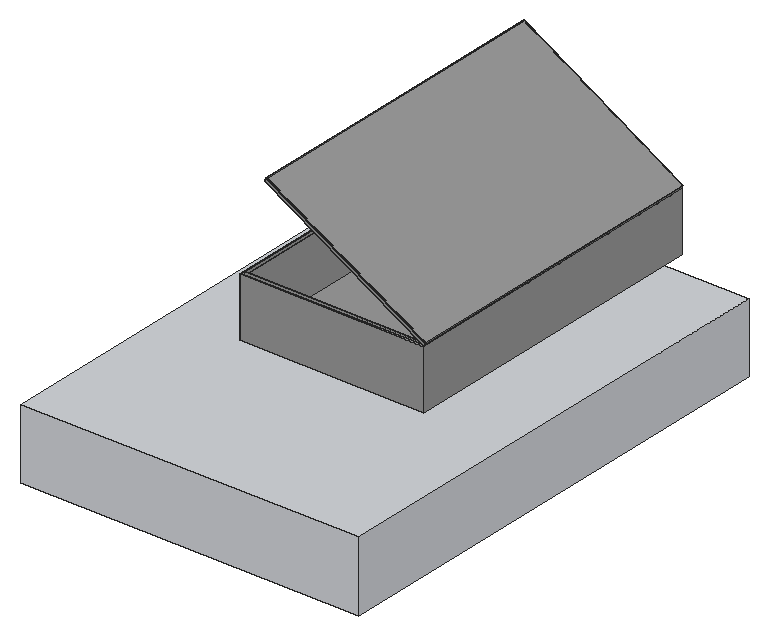
Revit family "Hager-Univers-IP55-D275-H1400-Cl.I-Steel_encl-SE-en", category Equipement électrique, Revit 2020
Family settings
  Hôte = Face
  Configuration du panneau = Deux colonnes, circuits au sein
  Cote de connecteur circulaire = Utiliser le diamètre
  Type d'élément = Tableau de raccordement
  Couper avec des vides une fois chargée = Non
  Partagée = Non
  Point de calcul de pièce = Non
Parameters (values of type "Surface mounted (plaster) IP55 W800 H1400 D275  - FR93E")
  Width Control [instance] = if([EF000008 - Width] > Min Width, [EF000008 - Width], Min Width)  # 800 mm
  Commentaires du type = [HG000003 - Range]  # "Univers"
  Thickness Door [instance] = if([EF009171 - Material plate thickness door/cover] > 3 mm, 3 mm, [EF009171 - Material plate thickness door/cover])  # 1.5 mm
  Seal Frame Offset [instance] = 17 mm  # constant formula
  Plinth Visibility [instance] = [HG000027 - Plinth height] > 0 mm  # no
  Model = ""
  Min Width [instance] = 100 mm  # constant formula
  Min Height [instance] = 100 mm  # constant formula
  Min Depth [instance] = (2 * [EF009170 - Material plate thickness cabinet]) + 1 mm  # 4 mm
  Internal Frame Depth [instance] = (Door System Depth * 0.5)  # 9 mm
  Height Control [instance] = if([EF000040 - Height] > Min Height, [EF000040 - Height], Min Height)  # 1400 mm
  HG000027 - Plinth height = 0 mm
  HG000026 - Floor standing = no
  HG000024 - Bottom section height = 800 mm
  HG000023 - Double section enclosure = no
  HG000016 - Door 3d visibility [instance] = yes
  HG000015 - Clearance visibility [instance] = no
  HG000014 - Door on the right [instance] = yes
  HG000013 - Door on the left [instance] = not([HG000014 - Door on the right])  # no
  HG000012 - Door swing angle [instance] = 30.00°
  HG000010 - Asymmetric doors = no
  HG000009 - Double swing door = no
  HG000006 - Flush mounted = no
  HG000004 - Manufacturer reference = "FR93E"
  HG000003 - Range = "Univers"
  HG000002 - With door or cover = yes
  Frame Offset Bottom [instance] = 10 mm  # constant formula
  Frame Offset [instance] = 15 mm  # constant formula
  EF015940 - Cover with overpressure release = no
  EF011959 - Degree of protection (NEMA) = ""
  EF009554 - Number of openings for flange plates = 6
  EF009212 - Cover model = "EV000116 - Closed"
  EF009171 - Material plate thickness door/cover = 1.5 mm
  EF009170 - Material plate thickness cabinet = 1.5 mm
  Fabricant = "Hager"  # constant formula
  EF008873 - Nominal current (In) = 800 A
  EF007800 - Suitable for lightning protection = no
  EF006306 - With lock = no
  EF006244 - Transparent cover/door = no
  EF005474 - Degree of protection (IP) = "EV006420 - IP55"
  EF004464 - Type of door = "EV002646 - Single"
  EF004427 - Number of modules = 324
  EF004293 - Impact strength = "EV008784 - IK10"
  EF003532 - Suitable for outdoor use = no
  EF002950 - Width in number of modular spacings = 24
  EF001613 - Circuit integrity = "EV000494 - None"
  EF001596 - Material housing = "EV000179 - Steel"
  EF001131 - Internal depth = 275 mm
  EF001088 - Extension possible = yes
  EF000437 - Number of conduit inlets = 6
  EF000339 - Type of cover = "EV004216 - Door"
  EF000266 - Number of rows = 9
  EF000218 - Built-in depth = 0 mm
  EF000118 - With mounting plate = no
  EF000116 - RAL-number = "7035"
  EF000049 - Depth = 275 mm
  EF000040 - Height = 1400 mm
  EF000008 - Width = 800 mm
  EF000007 - Colour = "EV000270 - Grey"
  EF000003 - Mounting method = "EV000384 - Surface mounted (plaster)"
  Door System Leaf Tolerance [instance] = 1.5 mm  # constant formula
  Door System Depth [instance] = 18 mm  # constant formula
  Door Height [instance] = Height Control - [HG000027 - Plinth height]  # 1400 mm
  Depth Control [instance] = if([EF000049 - Depth] > Min Depth, [EF000049 - Depth], Min Depth)  # 275 mm
  Default Elevation = 0 mm
  Connector Offset [instance] = Height Control / 2  # 700 mm
  Bottom Top Plate Trim [instance] = 1.5 mm  # constant formula
  Plinth height Ctrl [instance] = if([HG000027 - Plinth height] > 0 mm, [HG000027 - Plinth height], 12 mm)  # 12 mm
Types (5, lengths in mm): name | Width Control | HG000010 - Asymmetric doors | HG000009 - Double swing door | HG000004 - Manufacturer reference | EF009554 - Number of openings for flange plates | EF004464 - Type of door | EF004427 - Number of modules | EF000437 - Number of conduit inlets | EF000008 - Width
  Surface mounted (plaster) IP55 W1050 H1400 D275  - FR94E | 1050 | no | yes | "FR94E" | 8 | "EV003602 - Double" | 432 | 8 | 1050
  Surface mounted (plaster) IP55 W1300 H1400 D275  - FR95E | 1300 | yes | yes | "FR95E" | 10 | "EV003602 - Double" | 540 | 10 | 1300
  Surface mounted (plaster) IP55 W300 H1400 D275  - FR91E | 300 | no | no | "FR91E" | 2 | "EV002646 - Single" | 108 | 2 | 300
  Surface mounted (plaster) IP55 W550 H1400 D275  - FR92E | 550 | no | no | "FR92E" | 4 | "EV002646 - Single" | 216 | 4 | 550
  Surface mounted (plaster) IP55 W800 H1400 D275  - FR93E | 800 | no | no | "FR93E" | 6 | "EV002646 - Single" | 324 | 6 | 800
Reference planes
  plane 1 "Center (Front/Back)": y = 0
  plane 2: z = 0
  plane 3 "Center (Left/Right)": x = 0
  plane 4: z = 275
  plane 5: y = 1.5
  plane 6: y = 700
  plane 7: y = 0
  plane 8: y = 1400
  plane 9: z = 0
  plane 10: x = -385
  plane 11: x = 385
  plane 12: x = 383.5
  plane 13: x = -383.5
  plane 14: y = 1398.5
  plane 15: x = -383
  plane 16: x = -400
  plane 17: x = 383
  plane 18: x = 400
  plane 19: x = 398.5
  plane 20: x = -398.5
  plane 21: y = 11.5
  plane 22: y = 1400
  plane 23: y = 1383.5
  plane 24: z = 257
  plane 25: z = 1.5
  plane 26: z = 255.5
  plane 27: z = 273.5
Forms (mm)
  Extrusion 1, solid
    sketch origin (0, 0, 0) x (1, 0, 0) y (0, 1, 0)
      loop
        line (-702.964, 1305) -> (-702.964, -811.445) -> (766.763, -811.445) -> (766.763, 1305) -> (-702.964, 1305)
    from 0 to -304.8
  Extrusion 2, solid, material "Hager_Steel_RAL7035_Light_Grey", visible <- "Plinth Visibility", detail levels medium+fine
    sketch origin (0, 0, 0) x (1, 0, 0) y (0, 1, 0)
      loop
        line (-400, 0) -> (400, 0) -> (400, 12) -> (-400, 12) -> (-400, 0)
    from 0 to 257
  Extrusion 3, solid, material "Hager_Steel_RAL7035_Light_Grey", detail levels medium+fine
    sketch origin (0, 0, 0) x (1, 0, 0) y (0, 1, 0)
      loop
        line (-400, 0) -> (400, 0) -> (400, 1400) -> (-400, 1400) -> (-400, 0)
    from 0 to 257
  Extrusion 4, void
    sketch origin (0, 0, 0) x (1, 0, 0) y (0, 1, 0)
      loop
        line (-398.5, 1.5) -> (398.5, 1.5) -> (398.5, 1398.5) -> (-398.5, 1398.5) -> (-398.5, 1.5)
    from 1.5 to 255.5
  Extrusion 5, void
    sketch origin (-381.607, -4572, 257) x (0, -1, 0) y (-1, 0, 0)
      loop
        line (-4583.5, 1.893) -> (-5955.5, 1.893) -> (-5955.5, -765.107) -> (-4583.5, -765.107) -> (-4583.5, 1.893)
    from 0 to 1.5 <- "EF009170 - Material plate thickness cabinet"
  Extrusion 6, solid, material "Hager_Steel_RAL7035_Light_Grey", detail levels fine
    sketch origin (0, 0, 257) x (1, 0, 0) y (0, 1, 0)
      loop
        line (-383.5, 1383.5) -> (-383.5, 11.5) -> (383.5, 11.5) -> (383.5, 1383.5) -> (-383.5, 1383.5)
      loop
        line (-385, 10) -> (385, 10) -> (385, 1385) -> (-385, 1385) -> (-385, 10)
    from 0 to 9 <- "Internal Frame Depth"
  Extrusion 7, solid, material "Hager_Steel_RAL7035_Light_Grey", detail levels coarse
    sketch origin (0, 0, 0) x (1, 0, 0) y (0, 1, 0)
      loop
        line (-400, 0) -> (400, 0) -> (400, 1400) -> (-400, 1400) -> (-400, 0)
    from 0 to 275
  Sweep 8, void
    path in 3D
      loop
        line (-400, 12, 0) -> (400, 12, 0) -> (400, 12, 257) -> (-400, 12, 257) -> (-400, 12, 0)
    profile origin (-400, 12, 128.5) x (-1, 0, 0) y (0, -1, 0)
      loop
        line (0, 0) -> (0, 1.5) -> (-1.5, 1.5)
        arc (-1.5, 1.5) -> (-1.061, 0.439) -> (0, 0) r 1.5
Cuts and joins
  Extrusion 4, Extrusion 5 cuts Extrusion 3
  Sweep 8 cuts Extrusion 2
Lines and regions (mm)
  Masking region 1
    outline origin (0, 0, 0) x (1, 0, 0) y (0, 0, 1)
      loop
        line (-400, 275) -> (-400, 0) -> (400, 0) -> (400, 275) -> (-400, 275)
  Masking region 2, detail levels medium+fine
    outline origin (0, 140, 0) x (0, 1, 0) y (0, 0, 1)
      loop
        line (-140, 0) -> (1260, 0) -> (1260, 257) -> (-140, 257) -> (-140, 0)
  Masking region 3, not visible, detail levels medium+fine
    outline origin (0, 297.922, 0) x (0, 1, 0) y (0, 0, 1)
      loop
        line (413.578, 0) -> (453.578, 0) -> (453.578, 263.5)
        arc (453.578, 263.5) -> (450.649, 270.571) -> (443.578, 273.5) r 10
        line (443.578, 273.5) -> (413.578, 273.5) -> (413.578, 0)
  Masking region 4, detail levels coarse
    outline origin (0, 0, 180) x (0, 1, 0) y (0, 0, 1)
      loop
        line (0, -180) -> (1400, -180) -> (1400, 95) -> (0, 95) -> (0, -180)
  Masking region 5, visible <- "Plinth Visibility", detail levels medium+fine
    outline origin (0, 52.24, 12.345) x (0, 0, -1) y (0, 1, 0)
      loop
        line (10.845, -40.24) -> (-243.155, -40.24)
        arc (-243.155, -40.24) -> (-243.594, -41.301) -> (-244.655, -41.74) r 1.5
        line (-244.655, -41.74) -> (-244.655, -52.24) -> (12.345, -52.24) -> (12.345, -41.74)
        arc (12.345, -41.74) -> (11.285, -41.301) -> (10.845, -40.24) r 1.5
  Masking region 6, detail levels medium+fine
    outline origin (-381.607, -4572, 257) x (-1, 0, 0) y (0, -1, 0)
      loop
        line (18.393, -5972) -> (18.393, -4572) -> (-781.607, -4572) -> (-781.607, -5972) -> (18.393, -5972)
  Masking region 7, visible <- "Plinth Visibility", detail levels medium+fine
    outline origin (-381.607, -4727, 257) x (-1, 0, 0) y (0, -1, 0)
      loop
        arc (16.893, -4739) -> (17.332, -4737.939) -> (18.393, -4737.5) r 1.5
        line (18.393, -4737.5) -> (18.393, -4727) -> (-781.607, -4727) -> (-781.607, -4737.5)
        arc (-781.607, -4737.5) -> (-780.546, -4737.939) -> (-780.107, -4739) r 1.5
        line (-780.107, -4739) -> (16.893, -4739)
  Masking region 8, detail levels coarse
    outline origin (-442.548, -4669.526, 257) x (-1, 0, 0) y (0, -1, 0)
      loop
        line (-42.548, -6069.526) -> (-42.548, -4669.526) -> (-842.548, -4669.526) -> (-842.548, -6069.526) -> (-42.548, -6069.526)
  sketch lines
    curve 1: line (-400, 12, 257) -> (-400, 12, 0)
    curve 2: line (400, 12, 257) -> (-400, 12, 257)
    curve 3: line (400, 12, 257) -> (400, 12, 0)
    curve 4: line (-400, 12, 0) -> (400, 12, 0)
Dimensions and locks
  "Depth Control": plane 4 to Extrusion 1
  "HG000027 - Plinth height": plane 1 "Center (Front/Back)" to plane 7
  "EF009170 - Material plate thickness cabinet": plane 5 to plane 7
  locked: connector elem to plane 3 "Center (Left/Right)"
  equal spacing: plane 8, plane 6, plane 7
  locked: connector elem to plane 6
  "EF009170 - Material plate thickness cabinet": plane 8 to plane 14
  "EF009170 - Material plate thickness cabinet": plane 10 to plane 13
  "EF009170 - Material plate thickness cabinet": plane 12 to plane 11
  "Frame Offset": plane 20 to plane 13
  "Frame Offset": plane 12 to plane 19
  "EF009170 - Material plate thickness cabinet": plane 16 to plane 20
  "EF009170 - Material plate thickness cabinet": plane 19 to plane 18
  "Seal Frame Offset": plane 16 to plane 15
  "Seal Frame Offset": plane 17 to plane 18
  "Frame Offset Bottom": plane 21 to plane 5
  "Frame Offset": plane 14 to plane 23
  equal spacing: plane 16, plane 3 "Center (Left/Right)", plane 18
  "Width Control": plane 16 to plane 18
  "EF009170 - Material plate thickness cabinet": plane 4 to plane 27
  "EF009170 - Material plate thickness cabinet": plane 24 to plane 26
  "EF009170 - Material plate thickness cabinet": plane 25 to level
  "Door System Depth": plane 4 to plane 24
  "Height Control": plane 1 "Center (Front/Back)" to Extrusion 7 sketch curve
  "Height Control": Masking region 4 sketch curve to plane 1 "Center (Front/Back)"
  "Height Control": plane 1 "Center (Front/Back)" to plane 22
  "Bottom Top Plate Trim": profile plane to Sweep 8 sketch curve
  "Bottom Top Plate Trim": Sweep 8 sketch curve to profile plane
  "Plinth height Ctrl": plane 1 "Center (Front/Back)" to Extrusion 2 sketch curve
  "Plinth height Ctrl": Masking region 5 sketch curve to plane 1 "Center (Front/Back)"
  "Plinth height Ctrl": plane 1 "Center (Front/Back)" to Masking region 7 sketch curve
  "Thickness Door": Extrusion 6 sketch curve to Extrusion 6 sketch curve  (x3)
  "Thickness Door": cut or joined group of Extrusion 3, Extrusion 4, Extrusion 5 to Extrusion 6 sketch curve
  radius of Masking region 3 sketch curve = 10 mm
  "Bottom Top Plate Trim": radius of Masking region 5 sketch curve  (x2)
  "Bottom Top Plate Trim": radius of Sweep 8 sketch curve
  "Bottom Top Plate Trim": radius of Masking region 7 sketch curve  (x2)
  aligned and locked: plane 2 to Extrusion 1
  aligned and locked: level to Extrusion 1
  aligned and locked: level to Masking region 1 sketch curve
  aligned and locked: Masking region 1 sketch curve to plane 18
  aligned and locked: Masking region 1 sketch curve to plane 16
  aligned and locked: plane 7 to Masking region 2 sketch curve
  aligned and locked: level to Masking region 3 sketch curve
  aligned and locked: Masking region 3 sketch curve to plane 27
  aligned and locked: level to Masking region 2 sketch curve
  aligned and locked: plane 1 "Center (Front/Back)" to Extrusion 2 sketch curve
  aligned and locked: Extrusion 3 sketch curve to plane 7
  aligned and locked: plane 16 to Extrusion 3 sketch curve
  aligned and locked: plane 18 to Extrusion 3 sketch curve
  aligned and locked: plane 20 to Extrusion 4 sketch curve
  aligned and locked: plane 19 to Extrusion 4 sketch curve
  aligned and locked: Extrusion 4 sketch curve to plane 5
  aligned and locked: Extrusion 4 to plane 25
  aligned and locked: plane 26 to Extrusion 4
  aligned and locked: plane 24 to Extrusion 3
  aligned and locked: Extrusion 5 sketch curve to plane 21
  aligned and locked: Extrusion 5 sketch curve to plane 13
  aligned and locked: Extrusion 5 sketch curve to plane 12
  aligned and locked: plane 18 to Extrusion 7 sketch curve
  aligned and locked: plane 1 "Center (Front/Back)" to Extrusion 7 sketch curve
  aligned and locked: plane 16 to Extrusion 7 sketch curve
  aligned and locked: plane 4 to Extrusion 7
  aligned and locked: Extrusion 7 to level
  aligned and locked: level to Masking region 4 sketch curve
  aligned and locked: Masking region 4 sketch curve to plane 1 "Center (Front/Back)"
  aligned and locked: Masking region 4 sketch curve to plane 4
  aligned and locked: nested 1 to level
  aligned and locked: nested 1 to plane 16
  aligned and locked: plane 8 to Extrusion 3 sketch curve
  aligned and locked: plane 23 to Extrusion 5 sketch curve
  aligned and locked: plane 14 to Extrusion 4 sketch curve
  aligned and locked: Masking region 2 sketch curve to plane 8
  aligned and locked: level to Masking region 5 sketch curve
  aligned and locked: plane 16 to Extrusion 2 sketch curve
  aligned and locked: plane 18 to Extrusion 2 sketch curve
  aligned and locked: Masking region 5 sketch curve to plane 24
  aligned and locked: Masking region 2 sketch curve to plane 24
  aligned and locked: plane 24 to Extrusion 2
  aligned and locked: profile plane to Sweep 8 sketch curve  (x2)
  aligned and locked: Masking region 6 sketch curve to plane 18
  aligned and locked: Masking region 6 sketch curve to plane 22
  aligned and locked: Masking region 6 sketch curve to plane 16
  aligned and locked: plane 8 to plane 22
  aligned and locked: Masking region 6 sketch curve to plane 7
  aligned and locked: Masking region 7 sketch curve to plane 16
  aligned and locked: Masking region 7 sketch curve to plane 1 "Center (Front/Back)"
  aligned and locked: Masking region 7 sketch curve to plane 18
  aligned and locked: Masking region 8 sketch curve to plane 1 "Center (Front/Back)"
  aligned and locked: Masking region 8 sketch curve to plane 18
  aligned and locked: Masking region 8 sketch curve to plane 22
  aligned and locked: Masking region 8 sketch curve to plane 16
  aligned and locked: nested 2 to plane 7
  aligned and locked: plane 3 "Center (Left/Right)" to nested 2
  aligned and locked: nested 2 to plane 24
  aligned and locked: Extrusion 6 sketch curve to cut or joined group of Extrusion 3, Extrusion 4, Extrusion 5  (x4)
Automatic sketch dimensions
  Extrusion 1 sketch curve to Extrusion 1 sketch curve = 1469.727 mm
  Extrusion 1 sketch curve to Extrusion 1 sketch curve = 2116.445 mm
  Masking region 1 sketch curve to plane 4 = 0 mm
  plane 6 to Masking region 3 sketch curve = 11.5 mm
  Masking region 3 sketch curve to Masking region 3 sketch curve = 30 mm
  Masking region 5 sketch curve to plane 1 "Center (Front/Back)" = 0 mm
Nested families
  nested 1: "Hager_Enclosure_Symbol" at (-400, 0, 0) x (1, 0, 0) z (0, -1, 0), Height <- "Depth Control", Width <- "Width Control", type "Hager_Enclosure_Symbol"
    with Width_Ctrl 800 mm, Width 800 mm, Height_Ctrl 275 mm, Height 275 mm, A_Width_Int 18.047 mm, A_Width 216.562 mm, A_Height_Ctrl 240.625 mm, A_Height 240.625 mm
  nested 2: "EC000058_Univers_Door" at (0, 0, 257) x (1, 0, 0) z (0, 1, 0), Leaf_Tolerance <- "Door System Leaf Tolerance", Angle <- "HG000012 - Door swing angle", Door_Depth <- "Door System Depth", Door_Left <- "HG000013 - Door on the left", Transparent <- "EF006244 - Transparent cover/door", Assymetrical <- "HG000010 - Asymmetric doors", Width <- "Width Control", Clearance <- "HG000015 - Clearance visibility", Double <- "HG000009 - Double swing door", 3d_Door <- "HG000016 - Door 3d visibility", Lock_Visibility <- "EF006306 - With lock", Width_Ctrl <- "Width Control", Door_Right <- "HG000014 - Door on the right", Door <- "HG000002 - With door or cover", Height <- "Door Height", Thickness <- "Thickness Door", type "EC000058_Univers_Door", detail levels medium+fine
    with min_wh 4 mm, Width_Ctrl 800 mm, Width 800 mm, Transparent no, Thickness 1.5 mm, Seal_Material Hager_Rubber, Lock_Visibility no, Lock_Material Hager_Plastic_RAL9005_Jet_Black, Leaf_Width 800 mm, Leaf_Tolerance_External_Sides 0 mm, Leaf_Tolerance 1.5 mm, Leaf_Offset 0 mm, Leaf_Height 1397 mm, Leaf_2_Width 800 mm, Leaf_2_Offset 400 mm, Leaf_1_Width 800 mm, Leaf_1_Offset 400 mm, Height_Ctrl 1400 mm, Height 1400 mm, Glass_Material Hager_Glass, Double_Clearance_Ctrl no, Double no, Door_Right_Ctrl yes, Door_Right yes, Door_Material Hager_Steel_RAL7035_Light_Grey, Door_Left_Ctrl no, Door_Left no, Door_Depth 18 mm, Door yes, Clearance_Material Hager_Clearance, Clearance_Depth 800 mm, Clearance_Ctrl no, Clearance no, Assymetrical no, Angle 30.00°, 3d_Door yes
Connectors
  electrical at (0, 700, 0)
    settings: on plane 9, index 1, voltage 0 V, apparent load 0 VA, apparent load phase1 0 VA, apparent load phase2 0 VA, apparent load phase3 0 VA, power factor 1, load classification "Other", number of poles 1, system type 30, power factor state 1, is connector primary yes, connector utility no, sub classification motor no, connector description ""
Definition of nested family "EC000058_Univers_Door"
  Parameters (values of type "EC000058_Univers_Door")
    min_wh [instance] = (2 * Thickness) + 1 mm  # 11 mm
    Width_Ctrl [instance] = 400 mm
    Width [instance] = 500 mm
    Transparent [instance] = yes
    Thickness [instance] = 5 mm
    Seal_Material [instance] = none
    Lock_Visibility [instance] = yes
    Lock_Material [instance] = none
    Leaf_Width [instance] = if((Width_Ctrl - 2 * Leaf_Tolerance_External_Sides) > 0 mm, (Width_Ctrl - 2 * Leaf_Tolerance_External_Sides), min_wh)  # 400 mm
    Leaf_Tolerance_External_Sides [instance] = 0 mm  # constant formula
    Leaf_Tolerance [instance] = 1.5 mm
    Leaf_Offset [instance] = 0 mm  # constant formula
    Leaf_Height [instance] = if((Height_Ctrl - 2 * Leaf_Tolerance) > 0 mm, (Height_Ctrl - 2 * Leaf_Tolerance), min_wh)  # 497 mm
    Leaf_2_Width [instance] = if(and(and(Double, Assymetrical), Door_Left), (Leaf_Width / 3) - (Leaf_Tolerance / 2), if(and(and(Double, Assymetrical), Door_Right), (Leaf_Width / 3) * 2 - (Leaf_Tolerance / 2), if(and(Double, not(Assymetrical)), (Leaf_Width / 2) - Leaf_Tolerance, Leaf_Width)))  # 400 mm
    Leaf_2_Offset [instance] = if(and(Double, Assymetrical), Leaf_2_Width / 2, if(and(Double, not(Assymetrical)), Leaf_Width / 4, Leaf_Width / 2))  # 200 mm
    Leaf_1_Width [instance] = if(and(and(Double, Assymetrical), Door_Right), (Leaf_Width / 3) - (Leaf_Tolerance / 2), if(and(and(Double, Assymetrical), Door_Left), (Width / 3) * 2 - (Leaf_Tolerance / 2), if(and(Double, not(Assymetrical)), (Leaf_Width / 2) - Leaf_Tolerance, Leaf_Width)))  # 400 mm
    Leaf_1_Offset [instance] = if(and(Double, Assymetrical), Leaf_1_Width / 2, if(and(Double, not(Assymetrical)), Leaf_Width / 4, Leaf_Width / 2))  # 200 mm
    Height_Ctrl [instance] = if(Height > min_wh, Height, min_wh)  # 500 mm
    Height [instance] = 500 mm
    Glass_Material [instance] = none
    Double_Clearance_Ctrl [instance] = and(Double, Clearance)  # no
    Double [instance] = no
    Door_Right_Ctrl [instance] = and(or(Door_Right, Double), Door)  # yes
    Door_Right [instance] = yes
    Door_Material [instance] = none
    Door_Left_Ctrl [instance] = and(or(Door_Left, Double), Door)  # no
    Door_Left [instance] = no
    Door_Depth [instance] = 30 mm
    Door [instance] = yes
    Default Elevation = 1219.2 mm
    Clearance_Material [instance] = none
    Clearance_Depth [instance] = if(Leaf_1_Width > Leaf_2_Width, Leaf_1_Width, Leaf_2_Width)  # 400 mm
    Clearance_Ctrl [instance] = and(not(Double), Clearance)  # yes
    Clearance [instance] = yes
    Assymetrical [instance] = yes
    Angle [instance] = 30.00°
    3d_Door [instance] = yes
  Reference planes
    plane 1 "Center (Front/Back)": y = 0
    plane 2 "Bottom": z = 0
    plane 3 "Center (Left/Right)": x = 0
    plane 4: z = 500
    plane 5: x = -200
    plane 6: x = 200
    plane 7: z = 500
    plane 8: x = -200
    plane 9: z = 0
    plane 10: x = 200
    plane 11: y = 0
    plane 12: z = 1.5
    plane 13: x = -600
    plane 14: y = -400
    plane 15: x = 600
    plane 16: x = 0
    plane 17: x = 0
    plane 18: x = -200
    plane 19: x = 200
    plane 20: z = 498.5
  Forms (mm)
    Extrusion 1, solid, material <- "Clearance_Material", visible <- "Double_Clearance_Ctrl"
      sketch origin (1200, 0, 0) x (1, 0, 0) y (0, 0, -1)
        loop
          line (-1800, -498.5) -> (-600, -498.5) -> (-600, 0) -> (-1800, 0) -> (-1800, -498.5)
      from 0 to -400
  Dimensions and locks
    equal spacing: plane 5, plane 3 "Center (Left/Right)", plane 6
    "Width_Ctrl": plane 5 to plane 6
    "Leaf_Offset": plane 5 to plane 8
    "Leaf_Offset": plane 6 to plane 10
    "Leaf_Offset": plane 9 to level
    "Leaf_Offset": plane 4 to plane 7
    "Height_Ctrl": plane 4 to level
    "Leaf_Tolerance": plane 12 to plane 9
    locked: plane 11 to plane 1 "Center (Front/Back)"
    "Leaf_1_Offset": plane 18 to plane 16
    "Leaf_2_Offset": plane 17 to plane 19
    "Leaf_1_Width": plane 13 to plane 8
    "Leaf_2_Width": plane 10 to plane 15
    "Clearance_Depth": plane 14 to plane 1 "Center (Front/Back)"
    "Leaf_Tolerance_External_Sides": plane 8 to plane 18
    "Leaf_Tolerance_External_Sides": plane 19 to plane 10
    "Leaf_Tolerance": plane 7 to plane 20
    aligned and locked: level to plane 2 "Bottom"
    aligned and locked: nested 1 to plane 16
    aligned and locked: nested 2 to plane 17
    aligned and locked: Extrusion 1 to plane 13
    aligned and locked: plane 15 to Extrusion 1
    aligned and locked: Extrusion 1 to plane 14
    aligned and locked: plane 12 to nested 1
    aligned and locked: nested 2 to plane 12
    aligned and locked: Extrusion 1 to plane 11
    aligned and locked: plane 20 to Extrusion 1
    aligned and locked: nested 2 to plane 11
    aligned and locked: nested 1 to plane 11
  Automatic sketch dimensions
    Extrusion 1 sketch curve to level = 0 mm
    plane 5 to Extrusion 1 sketch curve = 400 mm
    plane 6 to Extrusion 1 sketch curve = 400 mm
    Extrusion 1 sketch curve to plane 4 = 1.5 mm
  Nested families
    nested 1: "EC000058_Univers_Door_Leaf" at (0, 0, 1.5), Width <- "Leaf_1_Width", visible <- "Door_Left_Ctrl", Leaf_Height <- "Leaf_Height", Angle <- "Angle", 3d_Door <- "3d_Door", Transparent <- "Transparent", Clearance Material <- "Clearance_Material", Clearance <- "Clearance_Ctrl", Door_Material <- "Door_Material", Glass_Material <- "Glass_Material", Door_Depth <- "Door_Depth", Lock_Material <- "Lock_Material", Seal_Material <- "Seal_Material", Lock_Visibility <- "Lock_Visibility", Thickness <- "Thickness", type "EC000058_Univers_Door_Leaf"
      with Width 400 mm, Transparent_Glass_Offset 30 mm, Transparent_Ctrl yes, Transparent yes, Thickness 5 mm, Standard no, Seal_Material none, Seal_D2 8 mm, Seal_D1 1 mm, Offset_Internal_Frame 10 mm, Lock_Width 20 mm, Lock_Visibility_3d yes, Lock_Visibility yes, Lock_Thickness_3 3 mm, Lock_Thickness_2 1 mm, Lock_Thickness_1 3 mm, Lock_Radius_Offset_2 16 mm, Lock_Radius_Offset_1 15 mm, Lock_Radius_2 5 mm, Lock_Radius 6 mm, Lock_Offset 5 mm, Lock_Material none, Lock_Height 80 mm, Lock_Cover_Top_Offset_2d 17 mm, Lock_Cover_Height -65 mm, Leaf_Height 497 mm, Internal_Seal_Thickness 8 mm, Internal_Seal_Depth_2 4.5 mm, Internal_Frame_Depth 25 mm, Glass_Thickness -1 mm, Glass_Offset -2 mm, Glass_Material none, Door_Material none, Door_Depth 30 mm, Clearance Material none, Clearance yes, Angle_Ctrl 30.00°, Angle 30.00°, 3d_Door yes
    nested 2: "EC000058_Univers_Door_Leaf" at (0, 0, 1.5) x (-1, 0, 0) z (0, 0, 1), Width <- "Leaf_2_Width", visible <- "Door_Right_Ctrl", Leaf_Height <- "Leaf_Height", Angle <- "Angle", 3d_Door <- "3d_Door", Transparent <- "Transparent", Clearance Material <- "Clearance_Material", Clearance <- "Clearance_Ctrl", Door_Material <- "Door_Material", Glass_Material <- "Glass_Material", Door_Depth <- "Door_Depth", Lock_Material <- "Lock_Material", Seal_Material <- "Seal_Material", Lock_Visibility <- "Lock_Visibility", Thickness <- "Thickness", type "EC000058_Univers_Door_Leaf"
      with Width 400 mm, Transparent_Glass_Offset 30 mm, Transparent_Ctrl yes, Transparent yes, Thickness 5 mm, Standard no, Seal_Material none, Seal_D2 8 mm, Seal_D1 1 mm, Offset_Internal_Frame 10 mm, Lock_Width 20 mm, Lock_Visibility_3d yes, Lock_Visibility yes, Lock_Thickness_3 3 mm, Lock_Thickness_2 1 mm, Lock_Thickness_1 3 mm, Lock_Radius_Offset_2 16 mm, Lock_Radius_Offset_1 15 mm, Lock_Radius_2 5 mm, Lock_Radius 6 mm, Lock_Offset 5 mm, Lock_Material none, Lock_Height 80 mm, Lock_Cover_Top_Offset_2d 17 mm, Lock_Cover_Height -65 mm, Leaf_Height 497 mm, Internal_Seal_Thickness 8 mm, Internal_Seal_Depth_2 4.5 mm, Internal_Frame_Depth 25 mm, Glass_Thickness -1 mm, Glass_Offset -2 mm, Glass_Material none, Door_Material none, Door_Depth 30 mm, Clearance Material none, Clearance yes, Angle_Ctrl 30.00°, Angle 30.00°, 3d_Door yes
  Definition of nested family "EC000058_Univers_Door_Leaf"
    Parameters (values of type "EC000058_Univers_Door_Leaf")
      Width [instance] = 2000 mm
      Transparent_Glass_Offset [instance] = 30 mm
      Transparent_Ctrl [instance] = and(Transparent, [3d_Door])  # yes
      Transparent [instance] = yes
      Thickness [instance] = 5 mm
      Standard [instance] = and(not(Transparent), [3d_Door])  # no
      Seal_Material [instance] = none
      Seal_D2 [instance] = 8 mm  # constant formula
      Seal_D1 [instance] = 1 mm  # constant formula
      Offset_Internal_Frame [instance] = 10 mm  # constant formula
      Lock_Width [instance] = 20 mm  # constant formula
      Lock_Visibility_3d [instance] = and(Lock_Visibility, [3d_Door])  # yes
      Lock_Visibility [instance] = yes
      Lock_Thickness_3 [instance] = 3 mm  # constant formula
      Lock_Thickness_2 [instance] = 1 mm  # constant formula
      Lock_Thickness_1 [instance] = 3 mm  # constant formula
      Lock_Radius_Offset_2 [instance] = Lock_Radius_Offset_1 + 1 mm  # 16 mm
      Lock_Radius_Offset_1 [instance] = 15 mm  # constant formula
      Lock_Radius_2 [instance] = Lock_Radius - 1 mm  # 5 mm
      Lock_Radius [instance] = 6 mm  # constant formula
      Lock_Offset [instance] = 5 mm  # constant formula
      Lock_Material [instance] = none
      Lock_Height [instance] = 80 mm  # constant formula
      Lock_Cover_Top_Offset_2d [instance] = Lock_Radius_Offset_2 + 1 mm  # 17 mm
      Lock_Cover_Height [instance] = -(Lock_Height - Lock_Radius_Offset_1)  # -65 mm
      Leaf_Height [instance] = 2720.336 mm
      Internal_Seal_Thickness [instance] = 8 mm  # constant formula
      Internal_Seal_Depth_2 [instance] = 4.5 mm  # constant formula
      Internal_Frame_Depth [instance] = if(Door_Depth - Thickness > 5 mm, Door_Depth - Thickness, 5 mm)  # 25 mm
      Glass_Thickness [instance] = if(Thickness > 15 mm, Glass_Offset + 10 mm, -1 mm)  # -1 mm
      Glass_Offset [instance] = if(Thickness > 15 mm, -(Thickness + 10 mm) / 2, -2 mm)  # -2 mm
      Glass_Material [instance] = none
      Door_Material [instance] = none
      Door_Depth [instance] = 30 mm
      Default Elevation = 0 mm
      Clearance Material [instance] = none
      Clearance [instance] = yes
      Angle_Ctrl [instance] = if(Angle > 180.00°, 180.00°, Angle)  # 90.00°
      Angle [instance] = 90.00°
      3d_Door [instance] = yes
    Reference planes
      plane 1 "Center (Front/Back)": y = 0
      plane 2: z = 0
      plane 3 "Center (Left/Right)": x = 0
      plane 4: y = 2000
      plane 5: x = -1000
      plane 6: x = 1000
      plane 7: x = -3000
      plane 8: z = 2720.336
      plane 9: z = 30
      plane 10: z = 2690.336
      plane 11: x = 970
      plane 12: x = -970
      plane 13: y = -3
      plane 14: z = 107.833
      plane 15: y = -5
      plane 16: y = -223.314
      plane 17: x = -1000
      plane 18: z = 1360.168
      plane 19: y = 30
    Forms (mm)
      Extrusion 1, solid, material <- "Clearance Material", visible <- "Clearance"
        sketch origin (0, 0, 0) x (1, 0, 0) y (0, 0, 1)
          loop
            line (-3000, 2720.336) -> (-3000, 0) -> (1000, 0) -> (1000, 2720.336) -> (-3000, 2720.336)
        from 0 to -2000
      Extrusion 2, solid, material <- "Door_Material", visible <- "Standard", detail levels medium+fine
        sketch origin (-1000, 0, 0) x (0, 1, 0) y (-1, 0, 0)
          loop
            line (0, 30) -> (0, 25) -> (2000, 25) -> (2000, 30) -> (0, 30)
        from 0 to 2720.336 <- "Leaf_Height"
      Extrusion 3, solid, material <- "Door_Material", visible <- "Transparent_Ctrl", detail levels medium+fine
        sketch origin (-1000, 0, 0) x (0, 1, 0) y (-1, 0, 0)
          loop
            line (0, 25) -> (2000, 25) -> (2000, 30) -> (0, 30) -> (0, 25)
        from 0 to 2720.336 <- "Leaf_Height"
      Extrusion 4, void
        sketch origin (-1025, 2000, 0) x (0, 1, 0) y (0, 0, -1)
          loop
            line (-30, -2690.336) -> (-30, -30) -> (-1970, -30) -> (-1970, -2690.336) -> (-30, -2690.336)
        from 0 to 5 <- "Thickness"
      Sweep 5, solid, material <- "Seal_Material", visible <- "Transparent_Ctrl", detail levels fine
        path in 3D
          loop
            line (-1025, 30, 30) -> (-1025, 30, 2690.336) -> (-1025, 1970, 2690.336) -> (-1025, 1970, 30) -> (-1025, 30, 30)
        profile origin (-1025, 1000, 30) x (1, 0, 0) y (0, 0, 1)
          loop
            line (0, 0) -> (0, -8) -> (1, -8) -> (1, 0) -> (0, 0)
      Extrusion 6, solid, material <- "Glass_Material", visible <- "Transparent_Ctrl", detail levels medium+fine
        sketch origin (-1030, 0, 0) x (0, 1, 0) y (0, 0, -1)
          loop
            line (1970, -2690.336) -> (1970, -30) -> (30, -30) -> (30, -2690.336) -> (1970, -2690.336)
        from -2 <- "Glass_Offset" to -1 <- "Glass_Thickness"
      Extrusion 7, solid, material <- "Door_Material", visible <- "3d_Door", detail levels medium+fine
        sketch origin (-1025, 2000, 0) x (0, -1, 0) y (0, 0, -1)
          loop
            line (0, -2720.336) -> (2000, -2720.336) -> (2000, 0) -> (0, 0) -> (0, -2720.336)
          loop
            line (1995, -5) -> (5, -5) -> (5, -2715.336) -> (1995, -2715.336) -> (1995, -5)
        from 0 to 25 <- "Internal_Frame_Depth"
      Sweep 8, solid, material <- "Seal_Material", visible <- "Transparent_Ctrl", detail levels fine
        path in 3D
          loop
            line (-1025, 0, 0) -> (-1025, 2000, 0) -> (-1025, 2000, 2720.336) -> (-1025, 0, 2720.336) -> (-1025, 0, 0)
        profile origin (-1025, 0, 1360.168) x (1, 0, 0) y (0, 1, 0)
          loop
            line (0, 10) -> (2.975, 10)
            arc (2.975, 10) -> (4.053, 10.447) -> (4.5, 11.525) r 1.525
            line (4.5, 11.525) -> (4.5, 16.527)
            arc (4.5, 16.527) -> (4.069, 17.569) -> (3.027, 18) r 1.473
            line (3.027, 18) -> (0, 18) -> (0, 10)
      Extrusion 9, solid, material <- "Lock_Material", visible <- "Lock_Visibility_3d", detail levels fine
        sketch origin (-1030, 0, 0) x (0, 1, 0) y (0, 0, -1)
          loop
            arc (1993.5, -1400.168) -> (1994.561, -1399.729) -> (1995, -1398.668) r 1.5
            line (1995, -1398.668) -> (1995, -1320.168) -> (1975, -1320.168) -> (1975, -1398.668)
            arc (1975, -1398.668) -> (1975.439, -1399.729) -> (1976.5, -1400.168) r 1.5
            line (1976.5, -1400.168) -> (1993.5, -1400.168)
        from 3 <- "Lock_Thickness_1" to 0
      Blend 10, solid, material <- "Lock_Material", visible <- "Lock_Visibility_3d", detail levels fine
        base sketch origin (-1033, 0, 0) x (0, 1, 0) y (0, 0, -1)
          loop
            line (1975, -1320.168) -> (1975, -1398.668)
            arc (1975, -1398.668) -> (1975.439, -1399.729) -> (1976.5, -1400.168) r 1.5
            line (1976.5, -1400.168) -> (1993.5, -1400.168)
            arc (1993.5, -1400.168) -> (1994.561, -1399.729) -> (1995, -1398.668) r 1.5
            line (1995, -1398.668) -> (1995, -1320.168) -> (1975, -1320.168)
        top sketch origin (-1033, 0, 0) x (0, 1, 0) y (0, 0, -1)
          loop
            line (1976, -1320.168) -> (1976, -1398.668)
            arc (1976, -1398.668) -> (1976.146, -1399.022) -> (1976.5, -1399.168) r 0.5
            line (1976.5, -1399.168) -> (1993.5, -1399.168)
            arc (1993.5, -1399.168) -> (1993.854, -1399.022) -> (1994, -1398.668) r 0.5
            line (1994, -1398.668) -> (1994, -1320.168) -> (1976, -1320.168)
        from 0 to 1 <- "Lock_Thickness_2"
      Blend 11, solid, material <- "Lock_Material", visible <- "Lock_Visibility_3d", detail levels fine
        base sketch origin (-1034, 0, 0) x (0, 1, 0) y (0, 0, -1)
          loop
            line (1978, -1320.168) -> (1978, -1384.168)
            arc (1978, -1384.168) -> (1985, -1391.168) -> (1992, -1384.168) r 7
            line (1992, -1384.168) -> (1992, -1320.168) -> (1978, -1320.168)
        top sketch origin (-1034, 0, 0) x (0, 1, 0) y (0, 0, -1)
          loop
            line (1991, -1320.168) -> (1979, -1320.168) -> (1979, -1383.168)
            arc (1979, -1383.168) -> (1985, -1389.168) -> (1991, -1383.168) r 6
            line (1991, -1383.168) -> (1991, -1320.168)
        from 0 to 3 <- "Lock_Thickness_3"
      Extrusion 12, solid, material <- "Lock_Material", visible <- "Lock_Visibility_3d", detail levels fine
        sketch origin (-1030, 1975, 1320.168) x (1, 0, 0) y (0, -1, 0)
          loop
            line (-7, -19) -> (-7, -1) -> (0, -1) -> (0, 0) -> (-8, 0) -> (-8, -20) -> (0, -20) -> (0, -19) -> (-7, -19)
        from 0 to -65 <- "Lock_Cover_Height"
      Extrusion 13, void
        sketch origin (-1038, 1995, 1320.168) x (-1, 0, 0) y (0, 0, -1)
          loop
            line (-5, -65) -> (0, -65) -> (-5, -60) -> (-5, -65)
        from 0 to 20 <- "Lock_Width"
      Extrusion 14, void
        sketch origin (-1038, 1975, 1320.168) x (0, -1, 0) y (0, 0, -1)
          loop
            circle (-10, -15.995) r 6
          loop
            circle (-10, -15.995) r 5
        from 0 to 2
      Extrusion 15, solid, material <- "Lock_Material", visible <- "Lock_Visibility_3d", detail levels medium
        sketch origin (-1030, 0, 0) x (0, 1, 0) y (0, 0, -1)
          loop
            arc (1993.5, -1400.168) -> (1994.561, -1399.729) -> (1995, -1398.668) r 1.5
            line (1995, -1398.668) -> (1995, -1320.168) -> (1975, -1320.168) -> (1975, -1398.668)
            arc (1975, -1398.668) -> (1975.439, -1399.729) -> (1976.5, -1400.168) r 1.5
            line (1976.5, -1400.168) -> (1993.5, -1400.168)
        from 8 to 0
    Cuts and joins
      Extrusion 4 cuts Extrusion 3
      Extrusion 13, Extrusion 14 cuts Extrusion 9
      Extrusion 14 cuts Blend 11
      Extrusion 13, Extrusion 14 cuts Extrusion 12
      joined: Extrusion 9, Blend 10, Blend 11, Extrusion 12
      Extrusion 14 cuts Extrusion 15
    Lines and regions (mm)
      Masking region 1, visible <- "Lock_Visibility", detail levels fine
        outline origin (0, 0, 0) x (0, 1, 0) y (0, 0, 1)
          loop
            line (30, 1320.168) -> (33, 1320.168) -> (33, 1400.168) -> (30, 1400.168) -> (30, 1320.168)
      Masking region 2, visible <- "Lock_Visibility", detail levels fine
        outline origin (0, 3.143, 0) x (0, 1, 0) y (0, 0, 1)
          loop
            line (29.857, 1354.168) -> (30.857, 1354.168) -> (30.857, 1366.168) -> (29.857, 1366.168) -> (29.857, 1354.168)
      Masking region 3, detail levels medium+fine
        outline origin (0, 0, 0) x (0, 1, 0) y (0, 0, 1)
          loop
            line (0, 0) -> (30, 0) -> (30, 2720.336) -> (0, 2720.336) -> (0, 0)
      Masking region 4, detail levels medium+fine
        outline origin (0, 0, 0) x (1, 0, 0) y (0, 0, 1)
          loop
            line (-1000, 2720.336) -> (-1000, 0) -> (1000, 0) -> (1000, 2720.336) -> (-1000, 2720.336)
      Masking region 5, visible <- "Lock_Visibility", detail levels fine
        outline origin (-47.116, 0, 0) x (1, 0, 0) y (0, 0, 1)
          loop
            arc (1024.616, 1399.168) -> (1023.556, 1398.729) -> (1023.116, 1397.668) r 1.5
            line (1023.116, 1397.668) -> (1023.116, 1320.168) -> (1041.116, 1320.168) -> (1041.116, 1397.668)
            arc (1041.116, 1397.668) -> (1040.677, 1398.729) -> (1039.616, 1399.168) r 1.5
            line (1039.616, 1399.168) -> (1024.616, 1399.168)
      Masking region 6, visible <- "Lock_Visibility", detail levels medium+fine
        outline origin (-25, 0, 0) x (1, 0, 0) y (0, 0, 1)
          loop
            arc (1001.5, 1400.168) -> (1000.439, 1399.729) -> (1000, 1398.668) r 1.5
            line (1000, 1398.668) -> (1000, 1320.168) -> (1020, 1320.168) -> (1020, 1398.668)
            arc (1020, 1398.668) -> (1019.561, 1399.729) -> (1018.5, 1400.168) r 1.5
            line (1018.5, 1400.168) -> (1001.5, 1400.168)
      Masking region 7, visible <- "Lock_Visibility", detail levels fine
        outline origin (-73.735, 0, 0) x (1, 0, 0) y (0, 0, 1)
          loop
            line (1051.735, 1382.168) -> (1065.735, 1382.168) -> (1065.735, 1384.168)
            arc (1065.735, 1384.168) -> (1058.735, 1391.168) -> (1051.735, 1384.168) r 7
            line (1051.735, 1384.168) -> (1051.735, 1382.168)
      Masking region 8, visible <- "Lock_Visibility", detail levels fine
        outline origin (-73.735, 0, 0) x (1, 0, 0) y (0, 0, 1)
          loop
            line (1052.735, 1382.168) -> (1064.735, 1382.168) -> (1064.735, 1383.168)
            arc (1064.735, 1383.168) -> (1058.735, 1389.168) -> (1052.735, 1383.168) r 6
            line (1052.735, 1383.168) -> (1052.735, 1382.168)
      Masking region 9, visible <- "Lock_Visibility", detail levels fine
        outline origin (-25, 0, 0) x (1, 0, 0) y (0, 0, 1)
          loop
            line (1020, 1320.168) -> (1020, 1382.168) -> (1000, 1382.168) -> (1000, 1320.168) -> (1020, 1320.168)
      Masking region 10, detail levels medium+fine
        outline origin (0, 0, 0) x (1, 0, 0) y (0, 0, 1)
          loop
            circle (985, 1335.144) r 6
      Masking region 11, detail levels fine
        outline origin (0, 0, 0) x (1, 0, 0) y (0, 0, 1)
          loop
            circle (985, 1335.144) r 5
      Masking region 12, visible <- "Lock_Visibility", detail levels fine
        outline origin (0, 12.767, 0) x (0, 1, 0) y (0, 0, 1)
          loop
            line (20.233, 1320.168) -> (21.233, 1320.168) -> (21.233, 1399.168) -> (20.233, 1400.168) -> (20.233, 1320.168)
      Masking region 13, visible <- "Lock_Visibility", detail levels fine
        outline origin (0, 13.767, -10) x (0, 1, 0) y (0, 0, 1)
          loop
            line (20.233, 1330.168) -> (23.233, 1330.168) -> (23.233, 1399.168) -> (20.233, 1402.168) -> (20.233, 1330.168)
      Masking region 14, visible <- "Lock_Visibility", detail levels fine
        outline origin (0, 12.767, -10) x (0, 1, 0) y (0, 0, 1)
          loop
            line (20.233, 1330.168) -> (25.233, 1330.168) -> (25.233, 1399.305) -> (20.233, 1394.305) -> (20.233, 1330.168)
      Masking region 15, visible <- "Lock_Visibility", detail levels medium
        outline origin (0, 0, 0) x (0, 1, 0) y (0, 0, 1)
          loop
            line (30, 1320.168) -> (38, 1320.168) -> (38, 1400.168) -> (30, 1400.168) -> (30, 1320.168)
      Masking region 16, visible <- "Lock_Visibility", detail levels fine
        outline origin (-1000, 0, 0) x (0, 1, 0) y (-1, 0, 0)
          loop
            line (1975, 30) -> (1995, 30) -> (1995, 38) -> (1975, 38) -> (1975, 30)
          loop
            line (1979, 37) -> (1976, 37) -> (1976, 34) -> (1978, 34) -> (1979, 37)
          loop
            line (1994, 37) -> (1991, 37) -> (1992, 34) -> (1994, 34) -> (1994, 37)
      Masking region 17, visible <- "Lock_Visibility", detail levels medium
        outline origin (-1000, 0, 0) x (0, 1, 0) y (-1, 0, 0)
          loop
            line (1975, 30) -> (1995, 30) -> (1995, 38) -> (1975, 38) -> (1975, 30)
      symbolic lines
        curve 1: line (1000, 0, 0) -> (-3000, 0, 0)
        curve 2: arc (1000, 0, 0) -> (-1000, 2000, 0) -> (-3000, 0, 0) r 2000
        curve 4: line (-1030, 0, 0) -> (-1030, 2000, 0)
      reference lines
        curve 3: line (-1000, 0, 0) -> (-1000, 2000, 0)
      symbolic lines, detail levels medium+fine
        curve 5: line (-1030, 2000, 0) -> (-1025, 2000, 0)
        curve 7: line (-1025, 0, 0) -> (-1030, 0, 0)
        curve 8: line (-1025, 0, 0) -> (-1000, 0, 0)
        curve 9: line (-1000, 0, 0) -> (-1000, 2000, 0)
        curve 10: line (-1000, 2000, 0) -> (-1025, 2000, 0)
      symbolic lines, detail levels fine
        curve 6: line (-1025, 2000, 0) -> (-1025, 0, 0)
      sketch lines
        curve 11: line (-1025, 0, 2720.336) -> (-1025, 0, 0)
        curve 12: line (-1025, 2000, 0) -> (-1025, 0, 0)
        curve 13: line (-1025, 2000, 2720.336) -> (-1025, 2000, 0)
        curve 14: line (-1025, 0, 2720.336) -> (-1025, 2000, 2720.336)
        curve 15: line (-1025, 1970, 30) -> (-1025, 30, 30)
        curve 16: line (-1025, 30, 30) -> (-1025, 30, 2690.336)
        curve 17: line (-1025, 1970, 2690.336) -> (-1025, 1970, 30)
        curve 18: line (-1025, 30, 2690.336) -> (-1025, 1970, 2690.336)
      symbolic lines, visible <- "Transparent", detail levels medium+fine
        curve 19: line (-970, 0, 2690.336) -> (970, 0, 2690.336)
        curve 20: line (-970, 0, 30) -> (-970, 0, 2690.336)
        curve 21: line (970, 0, 30) -> (-970, 0, 30)
        curve 22: line (970, 0, 2690.336) -> (970, 0, 30)
    Dimensions and locks
      "Width": plane 1 "Center (Front/Back)" to plane 4
      equal spacing: plane 5, plane 3 "Center (Left/Right)", plane 6
      "Width": plane 5 to plane 6
      "Width": plane 7 to plane 5
      "Leaf_Height": plane 8 to level
      "Width": curve 5 to curve 3
      "Width": curve 3 to curve 3
      plane 8 to plane 10 = 30 mm
      plane 9 to level = 30 mm
      plane 12 to plane 5 = 30 mm
      plane 6 to plane 11 = 30 mm
      Extrusion 1 to Extrusion 4 sketch curve = 30 mm
      "Transparent_Glass_Offset": curve 3 to Extrusion 4 sketch curve
      "Transparent_Glass_Offset": Extrusion 4 sketch curve to cut or joined group of Extrusion 3, Extrusion 4  (x2)
      cut or joined group of Extrusion 3, Extrusion 4 to Extrusion 6 sketch curve = 30 mm
      "Transparent_Glass_Offset": cut or joined group of Extrusion 3, Extrusion 4 to Extrusion 4 sketch curve
      "Thickness": curve 6 to curve 4
      "Thickness": Extrusion 7 sketch curve to Extrusion 7 sketch curve  (x4)
      "Door_Depth": curve 4 to curve 3
      "Offset_Internal_Frame": profile plane to Sweep 8 sketch curve
      "Internal_Seal_Thickness": Sweep 8 sketch curve to Sweep 8 sketch curve
      "Internal_Seal_Depth_2": profile plane to Sweep 8 sketch curve
      "Seal_D1": profile plane to Sweep 5 sketch curve
      "Seal_D2": profile plane to Sweep 5 sketch curve
      "Thickness": Extrusion 2 sketch curve to Extrusion 2 sketch curve
      equal spacing: Extrusion 9 sketch curve, plane 18, Extrusion 9 sketch curve  (x2)
      equal spacing: Masking region 1 sketch curve, plane 18, Masking region 1 sketch curve
      "Lock_Height": Masking region 1 sketch curve to Masking region 1 sketch curve
      "Lock_Radius": Masking region 2 sketch curve to plane 18 to Masking region 2 sketch curve
      Masking region 2 sketch curve to Masking region 1 = 1 mm
      "Door_Depth": plane 19 to plane 1 "Center (Front/Back)"
      "Lock_Thickness_1": Masking region 1 sketch curve to plane 19
      "Lock_Width": Extrusion 9 sketch curve to Extrusion 9 sketch curve
      "Lock_Height": Extrusion 9 sketch curve to Extrusion 9 sketch curve
      "Lock_Offset": cut or joined group of Extrusion 3, Extrusion 4 to Extrusion 9 sketch curve
      equal spacing: plane 8, plane 18, level
      "Lock_Radius_Offset_1": Blend 11 sketch curve to Blend 10
      locked: Blend 10 to Blend 11 sketch curve at 2  (x2)
      locked: var sketch to Blend 11 sketch curve at 1  (x2)
      "Lock_Radius_Offset_2": Blend 11 sketch curve to Blend 10
      locked: Extrusion 12 sketch curve to Extrusion 12 sketch curve at 1  (x3)
      Masking region 6 sketch curve to Masking region 6 sketch curve = 80 mm
      "Lock_Height": Masking region 6 sketch curve to Masking region 6 sketch curve
      "Lock_Width": Masking region 6 sketch curve to Masking region 6 sketch curve
      locked: Masking region 6 to Masking region 5 sketch curve at 1  (x3)
      locked: Masking region 5 to Masking region 7 sketch curve at 2  (x2)
      "Lock_Radius_Offset_1": Masking region 5 to Masking region 7 sketch curve
      "Lock_Radius_Offset_2": Masking region 5 to Masking region 8 sketch curve
      locked: Masking region 7 to Masking region 8 sketch curve at 1  (x2)
      "Lock_Cover_Top_Offset_2d": Masking region 5 to Masking region 9 sketch curve
      equal spacing: Masking region 9, Masking region 10 sketch curve, Masking region 9
      equal spacing: Masking region 9, Masking region 11 sketch curve, Masking region 9
      Extrusion 15 sketch curve to Extrusion 15 sketch curve = 80 mm
      "Lock_Width": Extrusion 15 sketch curve to Extrusion 15 sketch curve
      "Lock_Height": Extrusion 15 sketch curve to Extrusion 15 sketch curve
      equal spacing: Extrusion 15 sketch curve, plane 18, Extrusion 15 sketch curve
      "Lock_Thickness_3": Masking region 13 sketch curve to Masking region 13 sketch curve
      "Lock_Height": Masking region 12 sketch curve to Masking region 12 sketch curve
      locked: Masking region 13 sketch curve to Masking region 1 at 8
      locked: Masking region 14 sketch curve to Masking region 13 at 1
      locked: Masking region 14 sketch curve to Masking region 1 at 10.863
      "Lock_Height": Masking region 15 sketch curve to Masking region 15 sketch curve
      "Lock_Offset": Extrusion 15 sketch curve to cut or joined group of Extrusion 3, Extrusion 4
      "Lock_Offset": plane 6 to Masking region 6 sketch curve
      radius of Sweep 8 sketch curve = 1.525 mm
      radius of Sweep 8 sketch curve = 1.473 mm
      radius of Extrusion 9 sketch curve = 1.5 mm  (x2)
      "Lock_Radius": radius of Extrusion 14 sketch curve
      "Lock_Radius_2": radius of Extrusion 14 sketch curve
      "Lock_Radius": radius of Masking region 10 sketch curve
      "Lock_Radius_2": radius of Masking region 11 sketch curve
      radius of Extrusion 15 sketch curve = 1.5 mm  (x2)
      "Angle_Ctrl": angle plane 1 "Center (Front/Back)" to curve 3
      locked: Masking region 12 sketch curve to Masking region 12 sketch curve (angle 45.00°)
      locked: Masking region 13 sketch curve to Masking region 13 sketch curve (angle 45.00°)
      locked: Masking region 14 sketch curve to Masking region 14 sketch curve (angle 45.00°)
      aligned and locked: level to plane 2
      aligned and locked: Extrusion 1 to curve 1
      aligned and locked: plane 6 to Extrusion 1
      aligned and locked: Extrusion 1 to plane 1 "Center (Front/Back)"
      aligned and locked: plane 4 to Extrusion 1
      aligned and locked: plane 8 to Extrusion 1
      aligned and locked: curve 7 to Extrusion 2 sketch curve
      aligned and locked: curve 5 to Extrusion 2 sketch curve
      aligned and locked: curve 7 to Extrusion 3 sketch curve
      aligned and locked: Extrusion 3 sketch curve to curve 4
      aligned and locked: Extrusion 3 sketch curve to curve 6
      aligned and locked: Extrusion 3 sketch curve to curve 5
      aligned and locked: curve 9 to curve 3
      aligned and locked: Extrusion 7 sketch curve to cut or joined group of Extrusion 3, Extrusion 4  (x4)
      aligned and locked: plane 17 to curve 3
      aligned and locked: plane 1 "Center (Front/Back)" to curve 3
      aligned and locked: plane 17 to plane 5
      aligned and locked: Sweep 8 sketch curve to profile plane
      aligned and locked: Sweep 5 sketch curve to profile plane  (x2)
      aligned and locked: Masking region 1 to Masking region 2 sketch curve
      aligned and locked: plane 19 to Masking region 1 sketch curve
      aligned and locked: plane 1 "Center (Front/Back)" to Masking region 3 sketch curve
      aligned and locked: plane 19 to Masking region 3 sketch curve
      aligned and locked: level to Masking region 3 sketch curve
      aligned and locked: Masking region 3 sketch curve to plane 8
      aligned and locked: plane 17 to Masking region 4 sketch curve
      aligned and locked: level to Masking region 4 sketch curve
      aligned and locked: Masking region 4 sketch curve to plane 8
      aligned and locked: plane 12 to curve 20
      aligned and locked: plane 10 to curve 19
      aligned and locked: plane 11 to curve 22
      aligned and locked: curve 21 to plane 9
      aligned and locked: Extrusion 2 sketch curve to cut or joined group of Extrusion 3, Extrusion 4
      aligned and locked: Blend 10 sketch curve to Extrusion 9  (x4)
      aligned and locked: Extrusion 9 to Blend 10 sketch curve
      aligned and locked: Blend 10 to Blend 11 sketch curve
      aligned and locked: Extrusion 12 sketch curve to Blend 11
      aligned and locked: Extrusion 12 sketch curve to Extrusion 9  (x4)
      aligned and locked: Masking region 5 sketch curve to Masking region 6
      aligned and locked: Masking region 9 sketch curve to Masking region 6  (x3)
      aligned and locked: Masking region 12 sketch curve to Masking region 1
      aligned and locked: Masking region 13 sketch curve to Masking region 1
      aligned and locked: Masking region 12 to Masking region 14
      aligned and locked: Masking region 14 sketch curve to Masking region 1
      aligned and locked: Masking region 15 sketch curve to Masking region 14
      aligned and locked: Masking region 13 sketch curve to Masking region 12
      aligned and locked: Masking region 16 sketch curve to cut or joined group of Extrusion 14, Extrusion 15  (x4)
      aligned and locked: Masking region 16 sketch curve to cut or joined group of Extrusion 9, Blend 10, Blend 11, Extrusion 12, Extrusion 13, Extrusion 14  (x6)
      aligned and locked: cut or joined group of Extrusion 9, Blend 10, Blend 11, Extrusion 12, Extrusion 13, Extrusion 14 to Masking region 16 sketch curve
      aligned and locked: Masking region 17 sketch curve to cut or joined group of Extrusion 14, Extrusion 15  (x3)
      aligned and locked: Masking region 17 sketch curve to cut or joined group of Extrusion 9, Blend 10, Blend 11, Extrusion 12, Extrusion 13, Extrusion 14
      aligned and locked: Masking region 9 to Masking region 8 sketch curve
      aligned and locked: Masking region 9 to Masking region 7 sketch curve
    Automatic sketch dimensions
      plane 1 "Center (Front/Back)" to curve 2 = 0 mm
      curve 2 to plane 5 = 0 mm
      Extrusion 1 sketch curve to level = 0 mm
      Extrusion 1 sketch curve to plane 7 = 0 mm
      Extrusion 1 sketch curve to plane 6 = 0 mm
      Extrusion 1 sketch curve to plane 8 = 0 mm
      Extrusion 3 to Extrusion 6 sketch curve = 30 mm  (x4)
      Masking region 4 sketch curve to plane 6 = 0 mm
      Blend 10 sketch curve to Extrusion 9 = 1.5 mm
      Blend 10 sketch curve to Extrusion 9 = 1 mm
      Extrusion 13 sketch curve to Extrusion 12 = 0 mm  (x2)
      Extrusion 12 to Extrusion 13 sketch curve = 3 mm
      Extrusion 13 sketch curve to Extrusion 12 = 5 mm
      Extrusion 14 sketch curve to Extrusion 14 sketch curve = 0 mm  (x2)
      Extrusion 14 sketch curve to Extrusion 12 = 10 mm
      Extrusion 14 sketch curve to Extrusion 12 = 15.995 mm
      Masking region 5 sketch curve to Masking region 5 sketch curve = 1.5 mm  (x2)
      Masking region 10 sketch curve to plane 18 = 25.024 mm
      Masking region 11 sketch curve to plane 18 = 25.024 mm
      plane 19 to Masking region 14 sketch curve = 3 mm
      Masking region 16 sketch curve to Masking region 16 sketch curve = 3 mm
      curve 4 to curve 3 = 0 mm
      Blend 10 to Blend 11 sketch curve = 0 mm
      Masking region 6 sketch curve to Masking region 6 sketch curve = 1.5 mm  (x2)
      Masking region 6 sketch curve to plane 18 = 40 mm
      plane 19 to Masking region 12 sketch curve = 3 mm
      Masking region 12 sketch curve to Masking region 12 sketch curve = 1 mm
      Masking region 15 sketch curve to plane 19 = 0 mm
      Masking region 15 sketch curve to plane 18 = 40 mm
      radius of Blend 10 sketch curve to Extrusion 9 = 1 mm
Definition of nested family "Hager_Enclosure_Symbol"
  Parameters (values of type "Hager_Enclosure_Symbol")
    Width_Ctrl [instance] = if(Width > 1 mm, Width, 1 mm)  # 102.27 mm
    Width [instance] = 102.27 mm
    Height_Ctrl [instance] = if(Height > 1 mm, Height, 1 mm)  # 66.5 mm
    A_Width_Int [instance] = if(A_Width / 12 > 2 mm, A_Width / 12, 2 mm)  # 4.364 mm
    A_Width [instance] = if(A_Height_Ctrl * 0.9 > 2 mm, A_Height_Ctrl * 0.9, 2 mm)  # 52.369 mm
    A_Height_Ctrl [instance] = if(A_Height > 2 mm, A_Height, 2 mm)  # 58.188 mm
    Height [instance] = 66.5 mm
    A_Height [instance] = Height - (Height / 8)  # 58.188 mm
  Reference planes
    plane 1 "Centre (avant/arrière)": y = 0
    plane 2: z = 0
    plane 3 "Centre (gauche/droite)": x = 0
    plane 4: x = 52.369
    plane 5: y = 33.042
    plane 6: y = 41.77
    plane 7: y = 66.5
    plane 8: x = 26.184
    plane 9: y = 37.406
    plane 10: x = 102.27
    plane 11: y = 66.5
    plane 12: y = 8.313
  Lines and regions (mm)
    Filled region 1, type "Solid_Black", in view "Niveau de réf."
      outline origin (0, 0, 0) x (1, 0, 0) y (0, 1, 0)
        loop
          line (52.369, 66.5) -> (33.188, 54.536) -> (45.365, 45.006) -> (52.369, 66.5)
    Filled region 2, type "Solid_Black", in view "Niveau de réf."
      outline origin (0, 0, 0) x (1, 0, 0) y (0, 1, 0)
        loop
          line (0, 0) -> (102.27, 0) -> (102.27, 66.5) -> (0, 0)
    detail lines, in view "Niveau de réf."
      curve 1: line (0, 8.313, 0) -> (26.184, 41.77, 0)
      curve 2: line (26.184, 41.77, 0) -> (26.184, 33.042, 0)
      curve 3: line (26.184, 33.042, 0) -> (52.369, 66.5, 0)
  Dimensions and locks
    "A_Width": plane 3 "Centre (gauche/droite)" to plane 4
    equal spacing: plane 3 "Centre (gauche/droite)", plane 8, plane 4
    equal spacing: plane 6, plane 9, plane 5
    equal spacing: curve 3, Filled region 1 sketch curve, Filled region 1 sketch curve
    "Height_Ctrl": plane 1 "Centre (avant/arrière)" to plane 11
    "A_Height_Ctrl": plane 11 to plane 12
    equal spacing: plane 11, plane 9, plane 12
    "A_Width_Int": plane 6 to plane 9
    "Width_Ctrl": plane 3 "Centre (gauche/droite)" to plane 10
    angle Filled region 1 sketch curve to curve 3 = 20.00°
    angle curve 3 to Filled region 1 sketch curve = 20.00°
    locked: curve 3 to Filled region 1 sketch curve (angle 90.00°)
    aligned and locked: plane 10 to Filled region 2
    aligned and locked: plane 11 to Filled region 2 sketch curve
    aligned and locked: plane 10 to Filled region 2 sketch curve
    aligned and locked: plane 3 "Centre (gauche/droite)" to curve 1
    aligned and locked: plane 12 to curve 1
    aligned and locked: plane 7 to plane 11
  Automatic sketch dimensions
    Filled region 1 sketch curve to plane 4 = 0 mm
    Filled region 1 sketch curve to plane 7 = 0 mm
    plane 1 "Centre (avant/arrière)" to Filled region 2 sketch curve = 0 mm
    Filled region 2 sketch curve to plane 3 "Centre (gauche/droite)" = 0 mm
    curve 2 to plane 6 = 0 mm
    curve 2 to plane 8 = 0 mm
    curve 3 to plane 4 = 0 mm
    curve 2 to plane 5 = 0 mm
    curve 3 to plane 7 = 0 mm
